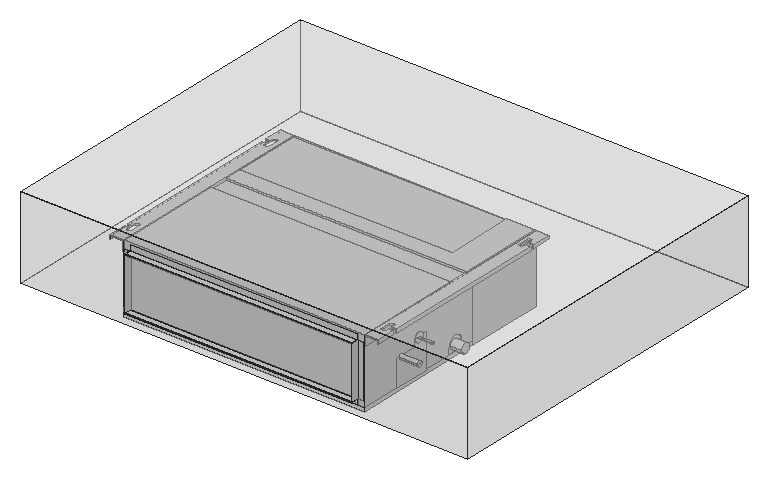
Revit family "outputfile", category 機械設備, Revit 2024
Family settings
  丸型コネクタ寸法 = 半径を使用
  パーツ タイプ = 標準
  OmniClass 番号 = 23.75.10.24.21.27.27
  OmniClass タイトル = Split System Air Conditioning Units
  作業面ベース = いいえ
  常に垂直 = はい
  ロード時にボイドで切り取り = いいえ
  注釈の向きを維持 = いいえ
  共有 = いいえ
  部屋計算ポイント = はい
Parameters (values of type "FXDQ25PDVT4")
  Description = ""
  製造元 = "Daikin"
  書き出し IFC クラス(タイプ) = "IfcUnitaryEquipmentType"
  定義済み IFC タイプ(タイプ) = "AIRCONDITIONINGUNIT"
  Cost = 0
  モデル = "FXDQ25PDVT4"
  Type Comments = ""
  Keynote = ""
  Type Image = (empty or 0)
  Assembly Code = ""
  w_pipe = 33.0 mm
  r_Liquid Pipe Size = Liquid Pipe Size / 2  # 3.2 mm
  r_Gas Pipe Size = Gas Pipe Size / 2  # 6.35 mm
  r_Drain Pipe Size = Drain Pipe Size / 2  # 10.0 mm
  lw_powersupply = 304.0 mm
  lh_suctionflange [instance] = if(Rear Connection_Return Air, 100.0 mm + [h***], 190.0 mm + [h***])  # 100.0 mm
  ld_suctionflange [instance] = if(Rear Connection_Return Air, 190.0 mm, 100.0 mm)  # 190.0 mm
  ld_powersupply = 60.0 mm
  angle_vertical_RA [instance] = if(Rear Connection_Return Air, 90.00°, 0.00°)  # 90.00°
  angle horizontal_RA [instance] = if(Rear Connection_Return Air, 180.00°, 270.00°)  # 180.00°
  Voltage_comment_60Hz = "220"
  Voltage_comment_50Hz = "220-240"
  Voltage_60Hz = 220 V
  Voltage_50Hz = 220 V
  URL = ""
  Supply Air Direction [instance] = yes
  Sound Power Level_H speed (dB) = 54
  Rear Connection_Return Air [instance] = not(Bottom Connection_Return Air)  # yes
  RA_length = 190.0 mm  # constant formula
  Phase_60Hz = 1
  Phase_50Hz = 1
  Minimum External Static Pressure = 10.00 Pa
  Minimum Circuit Amps_60Hz = 0.8 A
  Minimum Circuit Amps_50Hz = 0.7 A
  Maximum Fuse Amps_60Hz = 16.0 A
  Maximum Fuse Amps_50Hz = 16.0 A
  Maximum External Static Pressure = 30.00 Pa
  Material_Casing = DAIKIN_GalvanizedSteel_Casing_indoorunit
  lw_liquidpipe = 46.0 mm  # constant formula
  lw_gaspipe = 57.0 mm  # constant formula
  lw_mountinghole_pitch = 740.0 mm  # constant formula
  lw_mountinghole = 20.0 mm  # constant formula
  lw_drainpipe = 33.0 mm  # constant formula
  lh_powersupply = 10.0 mm
  lh_liquidpipe = 110.0 mm
  lh_gaspipe = 87.0 mm
  lh_mountinghole = Height + [h***]  # 200.0 mm
  lh_drainpipe = 30.0 mm
  lh_antena = 1.0 mm  # constant formula
  ld_liquidpipe = 193.0 mm  # constant formula
  ld_gaspipe = 130.0 mm  # constant formula
  ld_mountinghole_pitch = 500.0 mm  # constant formula
  ld_drainpipe = 280.0 mm
  ld_controlbox = 626.0 mm  # constant formula
  h*** = 0.0 mm  # constant formula
  d_dischargeflange = 21.2 mm  # constant formula
  Width = 700.0 mm
  Version = "ver.1.0"
  Unit Type = "Slim Duct (Standard) Type"
  Unit Mass Weight = 23.00 kg
  Unit Designation [instance] = ""
  Uniclass2015Version = "Products v1.30"
  Uniclass2015Title = "Variable refrigerant flow units"
  Uniclass2015Code = "Pr_70_65_03_94"
  Total Heating Capacity [instance] = 0.000 kW
  Total Cooling Capacity [instance] = 0.000 kW
  Sound Pressure Level_M speed (dBA) = 0
  Sound Pressure Level_L speed (dBA) = 23
  Sound Pressure Level_H speed (dBA) = 28
  Series = "VRV Fan Coil Unit"
  Sensible Cooling Capacity [instance] = 0.000 kW
  SA Duct Size Width = 660.0 mm
  SA Duct Size Height = 153.0 mm
  Refrigerant Type = "R410A"
  RA Duct Size Width = 600.0 mm
  RA Duct Size Height = 180.0 mm
  Power Input (Heating) = 0.067 kW
  Power Input (Cooling) = 0.067 kW
  Option Accessory 3 [instance] = ""
  Option Accessory 2 [instance] = ""
  Option Accessory 1 [instance] = ""
  Nominal Heating Capacity = 3.200 kW
  Nominal Cooling Capacity = 2.800 kW
  Minimum Airflow = 384.00 m³/h
  Median Airflow = 432.00 m³/h
  Maximum Airflow = 480.00 m³/h
  Load Classification = HVAC
  Liquid Pipe Size = 6.4 mm
  Link_Nested Family [instance] = ""
  IfcVersion = "0"
  IfcExportType = "AIRCONDITIONINGUNIT"
  IfcExportAs = "IfcUnitaryEquipmentType"
  Height = 200.0 mm
  Heating Entering Wet Bulb Temperature [instance] = 0.00 °C
  Heating Entering Dry Bulb Temperature [instance] = 0.00 °C
  Heating Ambient Wet Bulb Temperature [instance] = 0.00 °C
  Heating Ambient Dry Bulb Temperature [instance] = 0.00 °C
  Heat Exchanger Type = "Cross Fin Coil"
  Gas Pipe Size = 12.7 mm
  Frequency_60Hz = 60 Hz
  Frequency_50Hz = 50 Hz
  Fan Type = "Sirocco Fan"
  Fan Drive = "Direct Drive"
  FCU Tag No. [instance] = ""
  Drain Pipe Size = 20.0 mm
  Design Supply Airflow [instance] = 0.00 m³/h
  Design Return Airflow [instance] = 0.00 m³/h
  Design External Static Pressure [instance] = 0.00 Pa
  Depth = 620.0 mm
  既定の高さ = 0.0 mm
  Cooling Entering Wet Bulb Temperature [instance] = 0.00 °C
  Cooling Entering Dry Bulb Temperature [instance] = 0.00 °C
  Cooling Ambient Wet Bulb Temperature [instance] = 0.00 °C
  Cooling Ambient Dry Bulb Temperature [instance] = 0.00 °C
  Clearance visibility [instance] = yes
  Clearance Top = 20.0 mm
  Clearance Right = 300.0 mm
  Clearance Rear = 400.0 mm
  Clearance Left = 300.0 mm
  Clearance Front = 0.0 mm
  Clearance Bottom = 20.0 mm
  Bottom Connection_Return Air [instance] = no
Reference planes
  plane 1 "Center (Front/Back)": y = 0
  plane 2: z = 0
  plane 3 "Center (Left/Right)": x = 0
  plane 4 "Back": y = 310
  plane 5 "Front": y = -310
  plane 6 "Left": x = -350
  plane 7 "Right": x = 350
  plane 8 "Top": z = 0
  plane 9 "Bottom": z = -200
  plane 10: x = 330
  plane 11: x = -330
  plane 12: z = -190
  plane 13: z = -6
  plane 14: z = -22
  plane 15: z = -90
  plane 16: z = -113
  plane 17: x = -304
  plane 18: x = 304
  plane 19: x = -370
  plane 20: x = 370
  plane 21: y = -250
  plane 22: y = 250
  plane 23: x = -390
  plane 24: x = 390
  plane 25: x = 396
  plane 26: x = 407
  plane 27: x = 383
  plane 28: z = 0
  plane 29: z = -170
  plane 30 "Clearance Left": x = -650
  plane 31 "Clearance Right": x = 650
  plane 32 "Clearance Rear": y = 710
  plane 33 "Clearance Front": y = -310
  plane 34 "Clearance Top": z = 20
  plane 35 "Clearance Bottom": z = -220
  plane 36: z = -21
  plane 37: z = -170
  plane 38: z = -96.5
  plane 39: x = -40
  plane 40: y = -180
  plane 41: y = -117
  plane 42: y = -30
  plane 43: y = 20
  plane 44: z = -97.5
  plane 45: y = -309
  plane 46: x = -349
  plane 47: z = -100
  plane 48: z = -30
  plane 49: y = 210
  plane 50: z = 301
  plane 51: z = -199
  plane 52: y = 120
  plane 53: z = -101
  plane 54: x = 380
  plane 55: z = 11
  plane 56: z = 102.5
Forms (mm)
  Extrusion 1, solid
    sketch origin (0, 0, 0) x (1, 0, 0) y (0, 0, 1)
      loop
        line (-350, -190) -> (-350, -200) -> (350, -200) -> (350, -190) -> (-350, -190)
    from -84 to 310
  Extrusion 2, solid, material "DAIKIN_GalvanizedSteel_Casing_indoorunit" <- "Material_Casing"
    sketch origin (0, 0, 0) x (1, 0, 0) y (0, 1, 0)
      loop
        line (-350, -309) -> (350, -309) -> (350, 310) -> (-350, 310) -> (-350, -309)
    from -200 to 0
  Extrusion 3, void
    sketch origin (0, 0, 1) x (1, 0, 0) y (0, 1, 0)
      loop
        line (-350, 62.179) -> (-350, 4.179) -> (350, 4.179) -> (350, 62.179) -> (-350, 62.179)
    from -1 to -7
  Extrusion 4, void
    sketch origin (0, 0, 0) x (0, 1, 0) y (0, 0, 1)
      loop
        line (-5, -190) -> (45, -190) -> (45, -170)
        arc (45, -170) -> (20, -145) -> (-5, -170) r 25
        line (-5, -170) -> (-5, -190)
    from 350 to 345
  Revolve 5, solid, material "DAIKIN_GalvanizedSteel_Casing_indoorunit" <- "Material_Casing"
    sketch origin (0, 0, -113) x (0, -1, 0) y (1, 0, 0)
      loop
        line (173.65, 351) -> (180, 351) -> (180, 407) -> (173.65, 407) -> (173.65, 351)
      axis (180, 351) -> (180, 407)
    angle from 0 to 360
  Revolve 6, solid, material "DAIKIN_GalvanizedSteel_Casing_indoorunit" <- "Material_Casing"
    sketch origin (0, 0, -90) x (0, -1, 0) y (1, 0, 0)
      loop
        line (117, 351) -> (117, 396) -> (113.8, 396) -> (113.8, 351) -> (117, 351)
      axis (117, 396) -> (117, 351)
    angle from 0 to 360
  Extrusion 7, solid, material "DAIKIN_GalvanizedSteel_Casing_indoorunit" <- "Material_Casing"
    sketch origin (0, 0, 0) x (0, 1, 0) y (0, 0, 1)
      loop
        circle (-116, -90) r 12.7
    from 350 to 355.007
  Extrusion 8, solid, material "DAIKIN_GalvanizedSteel_Casing_indoorunit" <- "Material_Casing"
    sketch origin (0, 0, 0) x (0, 1, 0) y (0, 0, 1)
      loop
        circle (20, -170) r 13
    from 345 to 380
  Extrusion 9, solid, material "DAIKIN_GalvanizedSteel_Casing_indoorunit" <- "Material_Casing"
    sketch origin (0, 0, 0) x (1, 0, 0) y (0, 0, 1)
      loop
        line (-350, -190) -> (-350, -200) -> (350, -200) -> (350, -190) -> (-350, -190)
    from -84 to 310
  Extrusion 10, solid, material "DAIKIN_GalvanizedSteel_Casing_indoorunit" <- "Material_Casing", visible <- "Bottom Connection_Return Air"
    sketch origin (0, 0, 0) x (1, 0, 0) y (0, 0, 1)
      loop
        line (269, -200) -> (269, -1) -> (-349, -1) -> (-349, -200) -> (269, -200)
    from -310 to -309
  Extrusion 11, void
    sketch origin (0, 0, 0) x (1, 0, 0) y (0, 0, 1)
      loop
        line (269, 0) -> (-349, 0) -> (-349, -1) -> (269, -1) -> (269, 0)
    from -310 to -111
  Extrusion 12, solid, material "DAIKIN_GalvanizedSteel_Casing_indoorunit" <- "Material_Casing", visible <- "Rear Connection_Return Air"
    sketch origin (0, 0, 0) x (1, 0, 0) y (0, 1, 0)
      loop
        line (-349, 310) -> (-349, 111) -> (269, 111) -> (269, 310) -> (-349, 310)
    from -200 to -199
  Extrusion 13, solid, material "DAIKIN_GalvanizedSteel_Casing_indoorunit" <- "Material_Casing"
    sketch origin (0, 0, 0) x (0, 1, 0) y (0, 0, 1)
      loop
        line (-194, -113) -> (-194, -190) -> (-88.3, -190) -> (-88.3, -90) -> (-103.3, -90)
        arc (-103.3, -90) -> (-116, -102.7) -> (-128.7, -90) r 12.7
        line (-128.7, -90) -> (-128.7, -113) -> (-173.65, -113)
        arc (-173.65, -113) -> (-180, -119.35) -> (-186.35, -113) r 6.35
        line (-186.35, -113) -> (-194, -113)
    from 351 to 350
  Extrusion 14, solid, material "DAIKIN_GalvanizedSteel_Casing_indoorunit" <- "Material_Casing"
    sketch origin (0, 0, 0) x (0, 1, 0) y (0, 0, 1)
      loop
        line (84, -199) -> (310, -199) -> (310, -22) -> (91, -22) -> (84, -29) -> (84, -199)
    from 351 to 350
Cuts and joins
  Extrusion 3, Extrusion 4, Extrusion 11 cuts Extrusion 2
  Extrusion 4 cuts Extrusion 1
  Extrusion 11 cuts Extrusion 9
Dimensions and locks
  "lh_powersupply": plane 12 to plane 9 "Bottom"
  locked: plane 8 "Top" to plane 13 at 6
  "Height": plane 8 "Top" to plane 9 "Bottom"
  equal spacing: plane 17, plane 3 "Center (Left/Right)", plane 18, locked at 304 each
  locked: plane 17 to plane 18 at 608
  equal spacing: plane 19, plane 3 "Center (Left/Right)", plane 20, locked at 370 each
  "lw_mountinghole_pitch": plane 19 to plane 20
  locked: plane 14 to plane 9 "Bottom" at 178
  "lw_mountinghole": plane 23 to plane 19
  "lh_liquidpipe": plane 15 to plane 9 "Bottom"
  "lh_gaspipe": plane 16 to plane 9 "Bottom"
  "lh_mountinghole": plane 28 to plane 9 "Bottom"
  "ld_mountinghole_pitch": plane 22 to plane 21
  equal spacing: plane 6 "Left", plane 3 "Center (Left/Right)", plane 7 "Right", locked at 350 each
  "Width": plane 6 "Left" to plane 7 "Right"
  "lh_drainpipe": plane 29 to plane 9 "Bottom"
  "Clearance Right": plane 7 "Right" to plane 31 "Clearance Right"
  "Clearance Left": plane 30 "Clearance Left" to plane 6 "Left"
  "lw_gaspipe": plane 7 "Right" to plane 26
  "lw_liquidpipe": plane 7 "Right" to plane 25
  "lw_drainpipe": plane 7 "Right" to plane 27
  "Clearance Rear": plane 32 "Clearance Rear" to plane 4 "Back"
  "Clearance Front": plane 5 "Front" to plane 33 "Clearance Front"
  "Clearance Top": plane 34 "Clearance Top" to plane 8 "Top"
  "Clearance Bottom": plane 9 "Bottom" to plane 35 "Clearance Bottom"
  "ld_powersupply": plane 4 "Back" to plane 22
  "lw_powersupply": plane 3 "Center (Left/Right)" to plane 18
  locked: plane 8 "Top" to plane 36 at 21
  locked: plane 8 "Top" to plane 37 at 170
  locked: plane 40 to plane 41 at 63
  locked: plane 38 to plane 9 "Bottom" at 103.5
  locked: plane 36 to plane 44 at 76.5
  "Depth": plane 4 "Back" to plane 5 "Front"
  equal spacing: plane 4 "Back", plane 1 "Center (Front/Back)", plane 5 "Front"
  locked: plane 45 to plane 5 "Front" at 1
  locked: plane 46 to plane 6 "Left" at 1
  Extrusion 10 sketch curve to Extrusion 10 sketch curve = 199.0 mm
  locked: nested 12 to plane 39 at 300
  locked: plane 12 to plane 47 at 90
  plane 32 "Clearance Rear" to Extrusion 10 = 401.0 mm
  locked: plane 48 to plane 35 "Clearance Bottom" at 190
  locked: plane 49 to nested 13 at 90
  plane 50 to plane 28 = 301.0 mm
  locked: plane 51 to plane 9 "Bottom" at 1
  "ld_suctionflange": plane 4 "Back" to plane 52
  locked: plane 53 to plane 9 "Bottom" at 99
  locked: plane 54 to plane 7 "Right" at 30
  aligned and locked: level to plane 2
  aligned and locked: Extrusion 2 to plane 9 "Bottom"
  aligned and locked: plane 8 "Top" to Extrusion 2
  aligned and locked: Revolve 5 sketch curve to Revolve 5 sketch curve
  aligned and locked: plane 15 to Extrusion 7 sketch curve
  aligned and locked: cut or joined group of Extrusion 1, Extrusion 4 to plane 9 "Bottom"
  aligned and locked: plane 24 to nested 1
  aligned and locked: nested 1 to plane 23
  aligned and locked: plane 25 to nested 6
  aligned and locked: nested 6 to plane 15
  aligned and locked: nested 2 to plane 22
  aligned and locked: plane 20 to nested 2
  aligned and locked: plane 20 to nested 3
  aligned and locked: plane 19 to nested 4
  aligned and locked: plane 22 to nested 5
  aligned and locked: nested 5 to plane 22
  aligned and locked: plane 19 to nested 5
  aligned and locked: plane 22 to nested 11
  aligned and locked: plane 18 to nested 11  (x2)
  aligned and locked: nested 11 to plane 18
  aligned and locked: plane 4 "Back" to nested 11
  aligned and locked: cut or joined group of Extrusion 2, Extrusion 3, Extrusion 4, Extrusion 11 to nested 11
  aligned and locked: nested 11 to plane 12
  aligned and locked: plane 8 "Top" to nested 1
  aligned and locked: Extrusion 9 to plane 5 "Front"
  aligned and locked: Extrusion 9 to plane 9 "Bottom"
  aligned and locked: nested 7 to plane 16
  aligned and locked: plane 4 "Back" to nested 1
  aligned and locked: plane 40 to nested 7
  aligned and locked: plane 41 to nested 6
  aligned and locked: Extrusion 8 sketch curve to plane 43
  aligned and locked: nested 12 to plane 46
  aligned and locked: plane 4 "Back" to Extrusion 11
  aligned and locked: Extrusion 12 to nested 13
  aligned and locked: plane 8 "Top" to Extrusion 3
  aligned and locked: Extrusion 10 to cut or joined group of Extrusion 2, Extrusion 3, Extrusion 4, Extrusion 11
  aligned and locked: plane 9 "Bottom" to Extrusion 12  (x2)
  aligned and locked: Extrusion 12 to plane 51
  aligned and locked: plane 4 "Back" to nested 12
  aligned and locked: Extrusion 11 to level
  aligned and locked: plane 32 "Clearance Rear" to nested 14
  aligned and locked: plane 31 "Clearance Right" to nested 14
  aligned and locked: plane 30 "Clearance Left" to nested 14
  aligned and locked: nested 14 to plane 33 "Clearance Front"
  aligned and locked: nested 14 to plane 34 "Clearance Top"
  aligned and locked: nested 14 to plane 35 "Clearance Bottom"
  aligned and locked: plane 7 "Right" to Extrusion 13
  aligned and locked: plane 4 "Back" to Extrusion 14
  aligned and locked: Extrusion 14 to plane 51
  aligned and locked: plane 7 "Right" to Extrusion 14
  aligned and locked: Extrusion 13 to Revolve 5 sketch curve
  aligned and locked: Extrusion 3 to plane 13
  aligned and locked: plane 52 to nested 15
  aligned and locked: Extrusion 11 to nested 13
  aligned and locked: Extrusion 8 to plane 54
  aligned and locked: nested 8 to plane 54
  aligned and locked: plane 43 to nested 8
  aligned and locked: nested 8 to plane 37
  aligned and locked: nested 10 to plane 1 "Center (Front/Back)"
  aligned and locked: plane 46 to Extrusion 10
  aligned and locked: nested 12 to plane 51
  aligned and locked: plane 3 "Center (Left/Right)" to nested 10
  aligned and locked: plane 13 to nested 16
  aligned and locked: plane 45 to nested 16
  aligned and locked: plane 44 to nested 9
  aligned and locked: level to plane 8 "Top"
Automatic sketch dimensions
  Extrusion 1 sketch curve to plane 6 "Left" = 0.0 mm
  Extrusion 1 sketch curve to plane 7 "Right" = 0.0 mm
  Extrusion 1 sketch curve to plane 9 "Bottom" = 0.0 mm
  Extrusion 1 sketch curve to plane 12 = 0.0 mm
  Extrusion 2 sketch curve to plane 4 "Back" = 0.0 mm
  Extrusion 2 sketch curve to plane 6 "Left" = 0.0 mm
  Extrusion 2 sketch curve to plane 7 "Right" = 0.0 mm
  Extrusion 2 sketch curve to plane 45 = 0.0 mm
  Extrusion 3 sketch curve to plane 6 "Left" = 0.0 mm
  Extrusion 3 sketch curve to plane 7 "Right" = 0.0 mm
  Extrusion 3 sketch curve to plane 1 "Center (Front/Back)" = 4.179 mm
  plane 43 to Extrusion 3 sketch curve = 42.179 mm
  Extrusion 4 sketch curve to plane 37 = 0.0 mm
  Extrusion 4 sketch curve to plane 12 = 0.0 mm
  Extrusion 4 sketch curve to plane 43 = 0.0 mm
  plane 1 "Center (Front/Back)" to Extrusion 4 sketch curve = 5.0 mm
  Revolve 6 sketch curve to plane 25 = 0.0 mm  (x2)
  Revolve 6 sketch curve to plane 41 = 0.0 mm  (x2)
  plane 41 to Revolve 6 sketch curve = 3.2 mm
  plane 7 "Right" to Revolve 6 sketch curve = 1.0 mm
  Revolve 6 sketch curve to Revolve 6 sketch curve = 0.0 mm
  plane 41 to Extrusion 7 sketch curve = 1.0 mm
  Extrusion 8 sketch curve to plane 37 = 0.0 mm
  Extrusion 9 sketch curve to plane 6 "Left" = 0.0 mm
  Extrusion 9 sketch curve to plane 7 "Right" = 0.0 mm
  Extrusion 9 sketch curve to plane 9 "Bottom" = 0.0 mm
  Extrusion 9 sketch curve to plane 12 = 0.0 mm
  plane 46 to Extrusion 10 sketch curve = 0.0 mm
  Extrusion 10 sketch curve to plane 18 = 35.0 mm
  plane 46 to Extrusion 11 sketch curve = 0.0 mm
  Extrusion 11 sketch curve to plane 18 = 35.0 mm
  Extrusion 11 sketch curve to plane 8 "Top" = 1.0 mm
  Extrusion 12 sketch curve to plane 46 = 0.0 mm
  Extrusion 12 sketch curve to plane 4 "Back" = 0.0 mm
  Extrusion 12 sketch curve to plane 18 = 35.0 mm
  plane 43 to Extrusion 12 sketch curve = 91.0 mm
  plane 35 "Clearance Bottom" to Extrusion 11 sketch curve = 220.0 mm
  Extrusion 10 sketch curve to plane 51 = 1.0 mm
  Extrusion 13 sketch curve to plane 12 = 0.0 mm
  Extrusion 13 sketch curve to plane 16 = 0.0 mm
  Extrusion 13 sketch curve to plane 40 = 0.0 mm
  Extrusion 13 sketch curve to plane 15 = 0.0 mm
  Extrusion 13 sketch curve to Extrusion 13 sketch curve = 6.35 mm
  Extrusion 13 sketch curve to Extrusion 13 sketch curve = 7.65 mm
  Extrusion 13 sketch curve to plane 41 = 11.7 mm
  plane 41 to Extrusion 13 sketch curve = 1.0 mm
  Extrusion 13 sketch curve to Extrusion 13 sketch curve = 27.7 mm
  Extrusion 14 sketch curve to plane 51 = 0.0 mm
  Extrusion 14 sketch curve to plane 14 = 0.0 mm
  plane 48 to Extrusion 14 sketch curve = 1.0 mm
  plane 43 to Extrusion 14 sketch curve = 64.0 mm
  Extrusion 14 sketch curve to Extrusion 14 sketch curve = 7.0 mm
  Extrusion 14 sketch curve to plane 4 "Back" = 0.0 mm
  Revolve 5 sketch curve to plane 26 = 0.0 mm
  Revolve 5 sketch curve to plane 40 = 0.0 mm
  Revolve 5 sketch curve to Revolve 5 sketch curve = 1.003 mm  (x2)
  plane 40 to Revolve 5 sketch curve = 6.35 mm
  radius of Extrusion 7 sketch curve = 12.7 mm
  radius of Extrusion 8 sketch curve = 13.0 mm
Nested families
  nested 1: "daikin_hangerfixture_FXDQ-PDVT4" at (0, 0.5, 0), type "daikin_hangerfixture_FXDQ-PDVT4"
  nested 2: "daikin_mountinghole" at (370, 250, -200), l_antenna <- "lh_antena", Link_Nested Family <- "Link_Nested Family", h_mountinghole <- "lh_mountinghole", type "daikin_mountinghole"
    with show yes, l_antenna 1.0 mm, h_mountinghole 200.0 mm, Link_Nested Family ""
  nested 3: "daikin_mountinghole" at (370, -250, -200), Link_Nested Family <- "Link_Nested Family", l_antenna <- "lh_antena", h_mountinghole <- "lh_mountinghole", type "daikin_mountinghole"
    with show yes, l_antenna 1.0 mm, h_mountinghole 200.0 mm, Link_Nested Family ""
  nested 4: "daikin_mountinghole" at (-370, -250, -200), l_antenna <- "lh_antena", Link_Nested Family <- "Link_Nested Family", h_mountinghole <- "lh_mountinghole", type "daikin_mountinghole"
    with show yes, l_antenna 1.0 mm, h_mountinghole 200.0 mm, Link_Nested Family ""
  nested 5: "daikin_mountinghole" at (-370, 250, -200), l_antenna <- "lh_antena", Link_Nested Family <- "Link_Nested Family", h_mountinghole <- "lh_mountinghole", type "daikin_mountinghole"
    with show yes, l_antenna 1.0 mm, h_mountinghole 200.0 mm, Link_Nested Family ""
  nested 6: "daikin_connector_rotate2" at (350, -117, -90) x (0, 1, 0) z (0, 0, 1), length <- "lw_liquidpipe", built-in parameter 1001364 <- "lh_liquidpipe", radius <- "r_Liquid Pipe Size", type "daikin_connector_rotate2"
    with radius 3.2 mm, length 46.0 mm, angle_vertical 90.00°, show_face no
  nested 7: "daikin_connector_rotate2" at (350, -180, -113) x (0, 1, 0) z (0, 0, 1), length <- "lw_gaspipe", built-in parameter 1001364 <- "lh_gaspipe", radius <- "r_Gas Pipe Size", type "daikin_connector_rotate2"
    with radius 6.35 mm, length 57.0 mm, angle_vertical 90.00°, show_face no
  nested 8: "daikin_connector_rotate2" at (347, 20, -170) x (0, 1, 0) z (0, 0, 1), built-in parameter 1001364 <- "lh_drainpipe", length <- "lw_drainpipe", radius <- "r_Drain Pipe Size", type "daikin_connector_rotate2"
    with radius 10.0 mm, length 33.0 mm, angle_vertical 90.00°, show_face no
  nested 9: "daikin_connector_rotate2" at (0, -309, -97.5), length <- "d_dischargeflange", type "daikin_connector_rotate2"
    with radius 10.0 mm, length 21.2 mm, angle_vertical 90.00°, show_face no
  nested 10: "daikin_△_symbolicline" at (-75, -129.904, 200) x (-0.5, 0.866, 0) z (0, 0, 1), built-in parameter 1001364 <- "Height", visible <- "Supply Air Direction", type "daikin_△_symbolicline"
    with length 300.0 mm
  nested 11: "daikin_connector_rotate2" at (304, 250, -190) x (-1, 0, 0) z (0, 0, 1), built-in parameter 1001364 <- "lh_powersupply", length <- "ld_powersupply", type "daikin_connector_rotate2"
    with radius 10.0 mm, length 60.0 mm, angle_vertical 90.00°, show_face no
  nested 12: "daikin_ductflange_FXDQ-PDVT4_2" at (-40, 310, -100), visible <- "Rear Connection_Return Air", material <- "Material_Casing", type "daikin_ductflange_FXDQ-PDVT4_2"
    with width 620.0 mm, material DAIKIN_GalvanizedSteel_Casing_indoorunit, height 180.0 mm, depth 21.2 mm
  nested 13: "daikin_ductflange_FXDQ-PDVT4_2" at (-40, 210, -200) x (1, 0, 0) z (0, 1, 0), visible <- "Bottom Connection_Return Air", material <- "Material_Casing", type "daikin_ductflange_FXDQ-PDVT4_2"
    with width 620.0 mm, material DAIKIN_GalvanizedSteel_Casing_indoorunit, height 180.0 mm, depth 21.2 mm
  nested 14: "daikin_clearancespace" at (0, 200, -99.881), visible <- "Clearance visibility", show <- "Clearance visibility", Link_Nested Family <- "Link_Nested Family", type "daikin_clearancespace"
    with width 1300.0 mm, show yes, height 240.0 mm, depth 1020.0 mm, Link_Nested Family ""
  nested 15: "daikin_connector_rotate3" at (-40, 120, -100), built-in parameter 1001364 <- "lh_suctionflange", angle_vertical <- "angle_vertical_RA", angle_horizontal <- "angle horizontal_RA", length <- "RA_length", type "daikin_connector_rotate3"
    with show no, radius 10.0 mm, length 190.0 mm, angle_vertical 90.00°, angle_horizontal 180.00°
  nested 16: "daikin_ductflange_FXDQ-PDVT4_1" at (0, 4.5, -364.201), type "daikin_ductflange_FXDQ-PDVT4_1"
    with width 660.0 mm, material DAIKIN_GalvanizedSteel_Casing_indoorunit, height 155.0 mm, depth 21.2 mm
Connectors
  piping at (407, -180, -113), diameter 12.7, driven by "r_Gas Pipe Size"
    settings: on nested 7, index 1, connector inside diameter 609.6 mm, connector length 0.0 mm, flow factor 0, pipe flow 0.00 m³/h, pressure drop 0.0 Pa, fitting loss kfactor 0, connector angle 0.00°, fixture units 0, engagement length 0.0 mm, angle of deflection 0.00°, flow configuration 1, flow direction 2, fitting loss method 0, system type 29, joint type 0, gender type 0, connector reference index -1, connector utility 0, adjustable connector no, is connector primary yes, connector description "Refrigerant Gas Piping"
  piping at (396, -117, -90), diameter 6.4, driven by "r_Liquid Pipe Size"
    settings: on nested 6, index 2, connector inside diameter 609.6 mm, connector length 0.0 mm, flow factor 0, pipe flow 0.00 m³/h, pressure drop 0.0 Pa, fitting loss kfactor 0, connector angle 0.00°, fixture units 0, engagement length 0.0 mm, angle of deflection 0.00°, flow configuration 1, flow direction 1, fitting loss method 0, system type 29, joint type 0, gender type 0, connector reference index -1, connector utility 0, adjustable connector no, is connector primary no, connector description "Refrigerant Liquid Piping"
  piping at (380, 20, -170), diameter 20, driven by "r_Drain Pipe Size"
    settings: on nested 8, index 3, connector inside diameter 609.6 mm, connector length 0.0 mm, flow factor 0, pipe flow 0.00 m³/h, pressure drop 0.0 Pa, fitting loss kfactor 0, connector angle 0.00°, fixture units 0, engagement length 0.0 mm, angle of deflection 0.00°, flow configuration 1, flow direction 2, fitting loss method 4, system type 16, joint type 0, gender type 0, connector reference index -1, connector utility 0, adjustable connector no, is connector primary no, connector description "Condensate Drain Piping"
  hvac at (0, -330.2, -97.5), driven by "SA Duct Size Height", driven by "SA Duct Size Width"
    settings: on nested 9, index 7, duct flow 0.00 m³/h, flow factor 0, pres drop 0.00 Pa, loss coef 0, conn angle 0.00°, conn width 660.0 mm, conn height 153.0 mm, conn diameter 609.6 mm, duct sys type 1, conn prof type 1, flow config 0, flow direction 2, loss method 4, conn ref index -1, conn util no, is conn primary yes, conn desc "SA Duct"
  electrical at (304, 310, -190), driven by "Load Classification"
    settings: on nested 11, index 9, voltage 0 V, apparent load 0 VA, apparent load phase1 0 VA, apparent load phase2 0 VA, apparent load phase3 0 VA, power factor 1, load classification "HVAC", number of poles 1, system type 30, power factor state 1, is connector primary yes, connector utility no, sub classification motor no, connector description "Power Supply"
  hvac at (-40, 310, -100), driven by "RA Duct Size Height", driven by "RA Duct Size Width"
    settings: on nested 15, index 10, duct flow 0.00 m³/h, flow factor 0, pres drop 0.00 Pa, loss coef 0, conn angle 0.00°, conn width 600.0 mm, conn height 180.0 mm, conn diameter 609.6 mm, duct sys type 2, conn prof type 1, flow config 0, flow direction 1, loss method 4, conn ref index -1, conn util no, is conn primary no, conn desc "RA Duct"
Definition of nested family "daikin_hangerfixture_FXDQ-PDVT4"
  Parameters (values of type "daikin_hangerfixture_FXDQ-PDVE")
    width = 48.0 mm
    material = none
    height = 65.0 mm
    depth = 619.0 mm
    Default Elevation = 0.0 mm
  Reference planes
    plane 1 "Center (Front/Back)": y = 0
    plane 2: z = 0
    plane 3 "Center (Left/Right)": x = 0
    plane 4: x = 350
    plane 5: y = 309.5
    plane 6: y = -309.5
  Forms (mm)
    Extrusion 1, solid, material <- "material"
      sketch origin (0, 0, 0) x (1, 0, 0) y (0, 0, 1)
        loop
          line (350, 0) -> (350, -30) -> (352.3, -30) -> (352.3, -2.3) -> (387.7, -2.3) -> (387.7, -10) -> (390, -10) -> (390, 0) -> (350, 0)
      from -309.5 to 309.5
    Extrusion 2, void
      sketch origin (0, 0, 0) x (0, 1, 0) y (0, 0, 1)
        loop
          line (309.5, -30) -> (309.5, -17.979) -> (87.935, -17.979) -> (75.914, -30) -> (309.5, -30)
      from 0 to 618
    Extrusion 3, void
      sketch origin (0, 0, 0) x (1, 0, 0) y (0, 1, 0)
        loop
          line (390, -244) -> (377, -244) -> (377, -237.5)
          arc (377, -237.5) -> (370, -230.5) -> (363, -237.5) r 7
          line (363, -237.5) -> (363, -263.5)
          arc (363, -263.5) -> (370, -270.5) -> (377, -263.5) r 7
          line (377, -263.5) -> (377, -257) -> (390, -257) -> (390, -244)
        loop
          line (390, 243) -> (390, 256) -> (377, 256) -> (377, 262.5)
          arc (377, 262.5) -> (370, 269.5) -> (363, 262.5) r 7
          line (363, 262.5) -> (363, 236.5)
          arc (363, 236.5) -> (370, 229.5) -> (377, 236.5) r 7
          line (377, 236.5) -> (377, 243) -> (390, 243)
      from -254.96 to 618
    Extrusion 4, solid, material <- "material"
      sketch origin (0, 0, 0) x (-1, 0, 0) y (0, 0, -1)
        loop
          line (350, 0) -> (390, 0) -> (390, 10) -> (387.7, 10) -> (387.7, 2.3) -> (352.3, 2.3) -> (352.3, 30) -> (350, 30) -> (350, 0)
      from -309.5 to 309.5
    Extrusion 5, void
      sketch origin (0, 0, 0) x (-1, 0, 0) y (0, -1, 0)
        loop
          line (390, 244) -> (390, 257) -> (377, 257) -> (377, 263.5)
          arc (377, 263.5) -> (370, 270.5) -> (363, 263.5) r 7
          line (363, 263.5) -> (363, 237.5)
          arc (363, 237.5) -> (370, 230.5) -> (377, 237.5) r 7
          line (377, 237.5) -> (377, 244) -> (390, 244)
        loop
          line (390, -243) -> (377, -243) -> (377, -236.5)
          arc (377, -236.5) -> (370, -229.5) -> (363, -236.5) r 7
          line (363, -236.5) -> (363, -262.5)
          arc (363, -262.5) -> (370, -269.5) -> (377, -262.5) r 7
          line (377, -262.5) -> (377, -256) -> (390, -256) -> (390, -243)
      from -254.96 to 618
  Cuts and joins
    Extrusion 2, Extrusion 3, Extrusion 5 cuts Extrusion 1
    Extrusion 5 cuts Extrusion 4
  Dimensions and locks
    locked: plane 4 to plane 3 "Center (Left/Right)" at 350
    equal spacing: plane 5, plane 1 "Center (Front/Back)", plane 6
    "depth": plane 5 to plane 6
    locked: plane 3 "Center (Left/Right)" to plane 4 at 350
    plane 6 to plane 1 "Center (Front/Back)" to plane 5 = 309.5 mm, 309.5 mm
    aligned and locked: level to plane 2
    aligned and locked: plane 5 to Extrusion 1
    aligned and locked: Extrusion 1 to plane 6
    aligned and locked: Extrusion 1 to plane 4
    aligned and locked: plane 5 to cut or joined group of Extrusion 1, Extrusion 2, Extrusion 3, Extrusion 5
    aligned and locked: cut or joined group of Extrusion 1, Extrusion 2, Extrusion 3, Extrusion 5 to plane 6
    aligned and locked: level to cut or joined group of Extrusion 1, Extrusion 2, Extrusion 3, Extrusion 5
    aligned and locked: plane 5 to cut or joined group of Extrusion 4, Extrusion 5
    aligned and locked: cut or joined group of Extrusion 4, Extrusion 5 to plane 6
  Automatic sketch dimensions
    Extrusion 1 sketch curve to plane 4 = 0.0 mm
    Extrusion 1 sketch curve to level = 0.0 mm
    plane 4 to Extrusion 1 sketch curve = 2.3 mm
    Extrusion 1 sketch curve to level = 2.3 mm
    Extrusion 1 sketch curve to Extrusion 1 sketch curve = 35.4 mm
    Extrusion 1 sketch curve to Extrusion 1 sketch curve = 2.3 mm
    Extrusion 1 sketch curve to Extrusion 1 sketch curve = 7.7 mm
    Extrusion 1 sketch curve to Extrusion 1 sketch curve = 27.7 mm
    Extrusion 2 sketch curve to plane 5 = 0.0 mm
    Extrusion 2 sketch curve to level = 17.979 mm
    Extrusion 2 sketch curve to plane 1 "Center (Front/Back)" = 87.935 mm
    Extrusion 2 sketch curve to level = 30.0 mm
    Extrusion 2 sketch curve to Extrusion 2 sketch curve = 12.021 mm
    plane 4 to Extrusion 3 sketch curve = 13.0 mm  (x2)
    Extrusion 3 sketch curve to Extrusion 3 sketch curve = 7.0 mm  (x4)
    Extrusion 3 sketch curve to Extrusion 3 sketch curve = 13.0 mm  (x4)
    plane 6 to Extrusion 3 sketch curve = 46.0 mm
    Extrusion 3 sketch curve to Extrusion 3 sketch curve = 6.5 mm  (x4)
    Extrusion 3 sketch curve to plane 5 = 73.0 mm
    Extrusion 4 sketch curve to level = 0.0 mm
    Extrusion 4 sketch curve to level = 30.0 mm
    Extrusion 4 sketch curve to plane 3 "Center (Left/Right)" = 350.0 mm
    Extrusion 4 sketch curve to Extrusion 4 sketch curve = 2.3 mm  (x2)
    Extrusion 4 sketch curve to level = 2.3 mm
    Extrusion 4 sketch curve to Extrusion 4 sketch curve = 35.4 mm
    Extrusion 4 sketch curve to Extrusion 4 sketch curve = 7.7 mm
    Extrusion 5 sketch curve to plane 5 = 73.0 mm
    Extrusion 5 sketch curve to plane 3 "Center (Left/Right)" = 363.0 mm  (x2)
    plane 6 to Extrusion 5 sketch curve = 72.0 mm
    Extrusion 5 sketch curve to Extrusion 5 sketch curve = 7.0 mm  (x4)
    Extrusion 5 sketch curve to Extrusion 5 sketch curve = 13.0 mm  (x4)
    Extrusion 5 sketch curve to Extrusion 5 sketch curve = 6.5 mm  (x4)
Definition of nested family "daikin_ductflange_FXDQ-PDVT4_2"
  Parameters (values of type "daikin_ductflange_FXDQ-PDVE2")
    width [instance] = 620.0 mm
    material [instance] = none
    height [instance] = 180.0 mm
    depth [instance] = 21.2 mm
    Default Elevation = 0.0 mm
  Reference planes
    plane 1 "Center (Front/Back)": y = 0
    plane 2: z = 0
    plane 3 "Center (Left/Right)": x = 0
    plane 4: y = -313.5
    plane 5: y = -334.7
    plane 6: x = -310
    plane 7: x = 310
    plane 8: z = 90
    plane 9: z = -90
    plane 10: z = 100
    plane 11: z = -100
    plane 12: x = -309
    plane 13: x = 309
  Forms (mm)
    Extrusion 1, solid, material <- "material"
      sketch origin (0, 0, 0) x (1, 0, 0) y (0, 0, 1)
        loop
          line (-300, 90) -> (-300, -90) -> (300, -90) -> (300, 90) -> (-300, 90)
        loop
          line (-309, -99) -> (309, -99) -> (309, 99) -> (-309, 99) -> (-309, -99)
      from 0 to 1
  Dimensions and locks
    plane 4 to plane 1 "Center (Front/Back)" = 313.5 mm
    "depth": plane 5 to plane 4
    equal spacing: plane 7, plane 3 "Center (Left/Right)", plane 6, locked at 310 each
    "width": plane 7 to plane 6
    equal spacing: plane 8, level, plane 9, locked at 90 each
    "height": plane 8 to plane 9
    equal spacing: plane 10, level, plane 11, locked at 100 each
    locked: plane 10 to plane 11 at 200
    plane 12 to plane 6 = 1.0 mm
    locked: plane 7 to plane 13 at 1
    locked: Extrusion 1 sketch curve to Extrusion 1 sketch curve at 9  (x4)
    locked: plane 10 to Extrusion 1 sketch curve at 1
    locked: Extrusion 1 sketch curve to plane 11 at 1
    aligned and locked: level to plane 2
  Automatic sketch dimensions
    plane 6 to Extrusion 1 sketch curve = 1.0 mm
    Extrusion 1 sketch curve to plane 7 = 1.0 mm
Definition of nested family "daikin_clearancespace"
  Parameters (values of type "daikin_clearancespace")
    width [instance] = 1823.963 mm
    show [instance] = yes
    material = none
    height [instance] = 1359.762 mm
    depth [instance] = 880.0 mm
    Default Elevation = 0.0 mm
    Link_Nested Family [instance] = ""
  Reference planes
    plane 1 "Center (Front/Back)": y = 0
    plane 2 "Center (Elevation)": z = -0.119
    plane 3 "Center (Left/Right)": x = 0
    plane 4: y = 440
    plane 5: y = -440
    plane 6 "Right": x = 911.982
    plane 7 "Left": x = -911.982
    plane 8 "Top": z = 679.762
    plane 9 "Bottom": z = -680
  Forms (mm)
    Extrusion 1, solid, material <- "material", visible <- "show"
      sketch origin (0, 0, 0) x (1, 0, 0) y (0, 1, 0)
        loop
          line (-911.982, 440) -> (-911.982, -440) -> (911.982, -440) -> (911.982, 440) -> (-911.982, 440)
      from -680 to 679.762
  Lines and regions (mm)
    symbolic lines, visible <- "show"
      curve 1: line (911.982, 440, 0) -> (-911.982, 440, 0)
      curve 2: line (-911.982, 440, 0) -> (-911.982, -440, 0)
      curve 3: line (-911.982, -440, 0) -> (911.982, -440, 0)
      curve 4: line (911.982, -440, 0) -> (911.982, 440, 0)
      curve 5: line (911.982, 0, 679.762) -> (-911.982, 0, 679.762)
      curve 6: line (911.982, 0, -680) -> (911.982, 0, 679.762)
      curve 7: line (-911.982, 0, -680) -> (911.982, 0, -680)
      curve 8: line (-911.982, 0, 679.762) -> (-911.982, 0, -680)
      curve 9: line (0, 440, 679.762) -> (0, -440, 679.762)
      curve 10: line (0, -440, 679.762) -> (0, -440, -680)
      curve 11: line (0, 440, -680) -> (0, 440, 679.762)
      curve 12: line (0, -440, -680) -> (0, 440, -680)
  Dimensions and locks
    "width": plane 7 "Left" to plane 6 "Right"
    "depth": plane 4 to plane 5
    "height": plane 8 "Top" to plane 9 "Bottom"
    equal spacing: plane 7 "Left", plane 3 "Center (Left/Right)", plane 6 "Right"
    equal spacing: plane 4, plane 1 "Center (Front/Back)", plane 5
    equal spacing: plane 8 "Top", plane 2 "Center (Elevation)", plane 9 "Bottom"
    aligned and locked: level to plane 2 "Center (Elevation)"
    aligned and locked: Extrusion 1 sketch curve to plane 4
    aligned and locked: plane 7 "Left" to Extrusion 1 sketch curve
    aligned and locked: Extrusion 1 sketch curve to plane 5
    aligned and locked: Extrusion 1 sketch curve to plane 6 "Right"
    aligned and locked: plane 8 "Top" to Extrusion 1
    aligned and locked: curve 1 to Extrusion 1
    aligned and locked: curve 2 to Extrusion 1
    aligned and locked: curve 3 to Extrusion 1
    aligned and locked: curve 4 to Extrusion 1
    aligned and locked: curve 5 to Extrusion 1
    aligned and locked: curve 6 to Extrusion 1
    aligned and locked: curve 7 to Extrusion 1
    aligned and locked: curve 8 to Extrusion 1
    aligned and locked: curve 9 to Extrusion 1
    aligned and locked: curve 10 to Extrusion 1
    aligned and locked: curve 11 to Extrusion 1
    aligned and locked: curve 12 to Extrusion 1
    aligned and locked: Extrusion 1 to plane 9 "Bottom"
Definition of nested family "daikin_ductflange_FXDQ-PDVT4_1"
  Parameters (values of type "daikin_ductflange_FXDQ-PDVET")
    width [instance] = 660.0 mm
    material [instance] = none
    height [instance] = 155.0 mm
    depth [instance] = 21.2 mm
    Default Elevation = 0.0 mm
  Reference planes
    plane 1 "Center (Front/Back)": y = 0
    plane 2: z = 189.201
    plane 3 "Center (Left/Right)": x = 0
    plane 4: y = -313.5
    plane 5: x = -330
    plane 6: x = 330
    plane 7: y = -334.7
    plane 8: z = 344.201
    plane 9: z = 266.701
    plane 10: z = 343.201
    plane 11: z = 190.201
  Forms (mm)
    Extrusion 1, solid, material <- "material"
      sketch origin (0, 0, 189.201) x (1, 0, 0) y (0, 1, 0)
        loop
          line (-330, -334.7) -> (-330, -313.5) -> (-348, -313.5) -> (-348, -314.5) -> (-331, -314.5) -> (-331, -334.7) -> (-330, -334.7)
        loop
          line (330, -334.7) -> (331, -334.7) -> (331, -314.5) -> (348, -314.5) -> (348, -313.5) -> (330, -313.5) -> (330, -334.7)
      from 1 to 154
    Extrusion 2, solid, material <- "material"
      sketch origin (0, 0, 0) x (0, 1, 0) y (0, 0, 1)
        loop
          line (-313.5, 343.201) -> (-313.5, 358.201) -> (-314.5, 358.201) -> (-314.5, 344.201) -> (-334.7, 344.201) -> (-334.7, 343.201) -> (-313.5, 343.201)
        loop
          line (-313.5, 190.201) -> (-334.7, 190.201) -> (-334.7, 189.201) -> (-314.5, 189.201) -> (-314.5, 175.201) -> (-313.5, 175.201) -> (-313.5, 190.201)
      from -330 to 330
  Dimensions and locks
    plane 4 to plane 1 "Center (Front/Back)" = 313.5 mm
    "depth": plane 7 to plane 4
    equal spacing: plane 8, plane 9, level
    "height": plane 8 to level
    equal spacing: plane 6, plane 3 "Center (Left/Right)", plane 5, locked at 330 each
    "width": plane 6 to plane 5
    plane 5 to plane 6 = 660.0 mm
    locked: Extrusion 1 sketch curve to Extrusion 1 sketch curve at 660
    locked: plane 8 to plane 10 at 1
    locked: plane 11 to level at 1
    locked: Extrusion 1 to Extrusion 2 sketch curve at 1
    locked: Extrusion 2 sketch curve to Extrusion 1 at 1
    locked: Extrusion 1 sketch curve to Extrusion 1 sketch curve at 1  (x2)
    aligned and locked: level to plane 2
    aligned and locked: plane 4 to Extrusion 1  (x2)
    aligned and locked: plane 5 to Extrusion 1
    aligned and locked: Extrusion 1 to plane 7  (x2)
    aligned and locked: Extrusion 1 to plane 6
    aligned and locked: Extrusion 1 to plane 10
    aligned and locked: Extrusion 1 to plane 11
    aligned and locked: plane 10 to Extrusion 1
    aligned and locked: plane 11 to Extrusion 1
    aligned and locked: Extrusion 2 to plane 5
    aligned and locked: plane 5 to Extrusion 2
    aligned and locked: plane 6 to Extrusion 2
    aligned and locked: Extrusion 2 to plane 6
    aligned and locked: Extrusion 2 to plane 11
    aligned and locked: Extrusion 2 to plane 10
  Automatic sketch dimensions
    Extrusion 1 sketch curve to plane 4 = 0.0 mm  (x2)
    Extrusion 1 sketch curve to plane 7 = 0.0 mm  (x2)
    Extrusion 1 sketch curve to plane 5 = 0.0 mm
    Extrusion 1 sketch curve to plane 5 = 1.0 mm
    Extrusion 1 sketch curve to Extrusion 1 sketch curve = 17.0 mm  (x2)
    plane 6 to Extrusion 1 sketch curve = 1.0 mm
    Extrusion 2 sketch curve to plane 7 = 0.0 mm  (x2)
    Extrusion 2 sketch curve to plane 4 = 0.0 mm  (x2)
    Extrusion 2 sketch curve to plane 11 = 0.0 mm
    Extrusion 2 sketch curve to plane 10 = 0.0 mm
    Extrusion 2 sketch curve to plane 4 = 1.0 mm  (x2)
    Extrusion 2 sketch curve to level = 14.0 mm
    plane 8 to Extrusion 2 sketch curve = 14.0 mm
Definition of nested family "daikin_mountinghole"
  Parameters (values of type "daikin_mountinghole")
    Default Elevation = 1219.2 mm
    Type Comments = "mountinghole"
    show [instance] = yes
    material = none
    l_centerline = 100.0 mm
    l_antenna [instance] = 100.0 mm
    h_mountinghole [instance] = 0.0 mm
    d_circle = 30.0 mm
    Link_Nested Family [instance] = ""
  Reference planes
    plane 1 "Center (Front/Back)": y = 0
    plane 2: z = 0
    plane 3 "Center (Left/Right)": x = 0
    plane 4: y = 50
    plane 5: x = -50
    plane 6: x = 50
    plane 7: y = -50
    plane 8 "h_mountinghole": z = 0
    plane 9: z = 100
  Lines and regions (mm)
    model lines, detail levels fine
      curve 1: circle (0, 0, 0) r 15 normal (0, 0, 1)
      curve 2: line (-50, 0, 0) -> (50, 0, 0)
      curve 3: line (0, 50, 0) -> (0, -50, 0)
    symbolic lines, detail levels fine
      curve 4: circle (0, 0, 0) r 15 normal (0, 0, 1)
      curve 5: line (-50, 0, 0) -> (50, 0, 0)
      curve 6: line (0, 50, 0) -> (0, -50, 0)
    model lines
      curve 7: line (0, 0, 100) -> (0, 0, 0)
  Dimensions and locks
    equal spacing: plane 4, plane 1 "Center (Front/Back)", plane 7
    "l_centerline": plane 4 to plane 7
    equal spacing: plane 5, plane 3 "Center (Left/Right)", plane 6
    "l_centerline": plane 5 to plane 6
    "l_antenna": plane 9 to plane 8 "h_mountinghole"
    "h_mountinghole": plane 8 "h_mountinghole" to plane 2
    "d_circle": diameter of curve 1
    "d_circle": diameter of curve 4
    aligned and locked: level to plane 2
    aligned and locked: plane 1 "Center (Front/Back)" to curve 1
    aligned and locked: plane 3 "Center (Left/Right)" to curve 1
    aligned and locked: plane 1 "Center (Front/Back)" to curve 2
    aligned and locked: curve 3 to plane 3 "Center (Left/Right)"
    aligned and locked: plane 6 to curve 2
    aligned and locked: plane 5 to curve 2
    aligned and locked: plane 4 to curve 3
    aligned and locked: plane 7 to curve 3
    aligned and locked: plane 1 "Center (Front/Back)" to curve 4
    aligned and locked: plane 3 "Center (Left/Right)" to curve 4
    aligned and locked: plane 6 to curve 5
    aligned and locked: plane 5 to curve 5
    aligned and locked: plane 1 "Center (Front/Back)" to curve 5
    aligned and locked: plane 4 to curve 6
    aligned and locked: plane 7 to curve 6
    aligned and locked: curve 6 to plane 3 "Center (Left/Right)"
    aligned and locked: curve 7 to plane 3 "Center (Left/Right)"
    aligned and locked: plane 9 to curve 7
    aligned and locked: plane 8 "h_mountinghole" to curve 7
Definition of nested family "daikin_connector_rotate2"
  Parameters (values of type "daikin_connector_rotate2")
    show_face = yes
    radius [instance] = 10.0 mm
    length [instance] = 600.0 mm
    d_surface = 10.0 mm
    angle_vertical [instance] = 90.00°
    Default Elevation = 0.0 mm
  Reference planes
    plane 1 "Center (Front/Back)": y = 0
    plane 2: z = 0
    plane 3 "Center (Left/Right)": x = 0
  Forms (mm)
    Extrusion 1, solid, visible <- "show_face"
      sketch origin (0, -600, 0) x (1, 0, 0) y (0, 0, 1)
        loop
          circle (0, 0) r 10
      from 0 to -10
  Lines and regions (mm)
    reference lines
      curve 1: line (0, 0, 0) -> (0, -600, 0)
    symbolic lines
      curve 2: circle (0, 0, 0) r 5 normal (0, 0, 1)
    model lines, visible <- "show_face"
      curve 3: line (0, 0, 0) -> (0, -600, 0)
  Dimensions and locks
    "length": curve 1 to curve 1
    "length": curve 3 to curve 3
    "d_surface": Extrusion 1 to Extrusion 1
    "radius": radius of Extrusion 1 sketch curve
    "angle_vertical": angle curve 1 to plane 1 "Center (Front/Back)"
    "angle_vertical": angle curve 3 to plane 1 "Center (Front/Back)"
    aligned and locked: level to plane 2
    aligned and locked: plane 1 "Center (Front/Back)" to curve 1
    aligned and locked: plane 2 to curve 1
    aligned and locked: plane 1 "Center (Front/Back)" to curve 2
    aligned and locked: plane 3 "Center (Left/Right)" to curve 2
    aligned and locked: plane 1 "Center (Front/Back)" to curve 3
    aligned and locked: plane 2 to curve 3
    aligned and locked: Extrusion 1 to Extrusion 1
  Automatic sketch dimensions
    Extrusion 1 sketch curve to level = 0.0 mm
    Extrusion 1 sketch curve to plane 3 "Center (Left/Right)" = 0.0 mm
    radius of curve 2 = 5.0 mm
Definition of nested family "daikin_△_symbolicline"
  Parameters (values of type "daikin_△_symbolicline")
    length [instance] = 500.0 mm
    Default Elevation = 0.0 mm
  Reference planes
    plane 1 "Center (Front/Back)": y = 0
    plane 2: z = 0
    plane 3 "Center (Left/Right)": x = 0
  Lines and regions (mm)
    symbolic lines
      curve 1: line (0, -433.013, 0) -> (250, 0, 0)
      curve 2: line (250, 0, 0) -> (-250, 0, 0)
      curve 3: line (-250, 0, 0) -> (0, -433.013, 0)
  Dimensions and locks
    equal spacing: curve 3, plane 3 "Center (Left/Right)", curve 2
    "length": curve 3 to curve 2
    "length": curve 3 to curve 3
    "length": curve 1 to curve 1
    aligned and locked: level to plane 2
    aligned and locked: curve 2 to plane 1 "Center (Front/Back)"
    aligned and locked: plane 3 "Center (Left/Right)" to curve 3
Definition of nested family "daikin_connector_rotate3"
  Parameters (values of type "daikin_connector_rotate3")
    Default Elevation = 1219.2 mm
    show [instance] = yes
    radius [instance] = 10.0 mm
    length [instance] = 600.0 mm
    angle_horizontal [instance] = 60.00°
    angle_vertical [instance] = 90.00°
  Reference planes
    plane 1 "Center (Front/Back)": y = 0
    plane 2: z = 0
    plane 3 "Center (Left/Right)": x = 0
  Dimensions and locks
    "angle_horizontal": angle plane 3 "Center (Left/Right)" to nested 1
    aligned and locked: level to plane 2
    aligned and locked: plane 1 "Center (Front/Back)" to nested 1  (x2)
    aligned and locked: plane 3 "Center (Left/Right)" to nested 1
  Nested families
    nested 1: "daikin_connector_rotate2" at (0, 0, 0) x (0.5, 0.866, 0) z (0, 0, 1), angle_vertical <- "angle_vertical", length <- "length", radius <- "radius", type "daikin_connector_rotate2"
      with radius 10.0 mm, length 600.0 mm, angle_vertical 90.00°
  Definition of nested family "daikin_connector_rotate2"
    Parameters (values of type "daikin_connector_rotate2")
      show_face = yes
      radius [instance] = 10.0 mm
      length [instance] = 600.0 mm
      d_surface = 10.0 mm
      angle_vertical [instance] = 90.00°
      Default Elevation = 0.0 mm
    Reference planes
      plane 1 "Center (Front/Back)": y = 0
      plane 2: z = 0
      plane 3 "Center (Left/Right)": x = 0
    Forms (mm)
      Extrusion 1, solid, visible <- "show_face"
        sketch origin (0, -600, 0) x (1, 0, 0) y (0, 0, 1)
          loop
            circle (0, 0) r 10
        from 0 to -10
    Lines and regions (mm)
      reference lines
        curve 1: line (0, 0, 0) -> (0, -600, 0)
      symbolic lines
        curve 2: circle (0, 0, 0) r 5 normal (0, 0, 1)
      model lines, visible <- "show_face"
        curve 3: line (0, 0, 0) -> (0, -600, 0)
    Dimensions and locks
      "length": curve 1 to curve 1
      "length": curve 3 to curve 3
      "d_surface": Extrusion 1 to Extrusion 1
      "radius": radius of Extrusion 1 sketch curve
      "angle_vertical": angle curve 1 to plane 1 "Center (Front/Back)"
      "angle_vertical": angle curve 3 to plane 1 "Center (Front/Back)"
      aligned and locked: level to plane 2
      aligned and locked: plane 1 "Center (Front/Back)" to curve 1
      aligned and locked: plane 2 to curve 1
      aligned and locked: plane 1 "Center (Front/Back)" to curve 2
      aligned and locked: plane 3 "Center (Left/Right)" to curve 2
      aligned and locked: plane 1 "Center (Front/Back)" to curve 3
      aligned and locked: plane 2 to curve 3
      aligned and locked: Extrusion 1 to Extrusion 1
    Automatic sketch dimensions
      Extrusion 1 sketch curve to level = 0.0 mm
      Extrusion 1 sketch curve to plane 3 "Center (Left/Right)" = 0.0 mm
      radius of curve 2 = 5.0 mm
